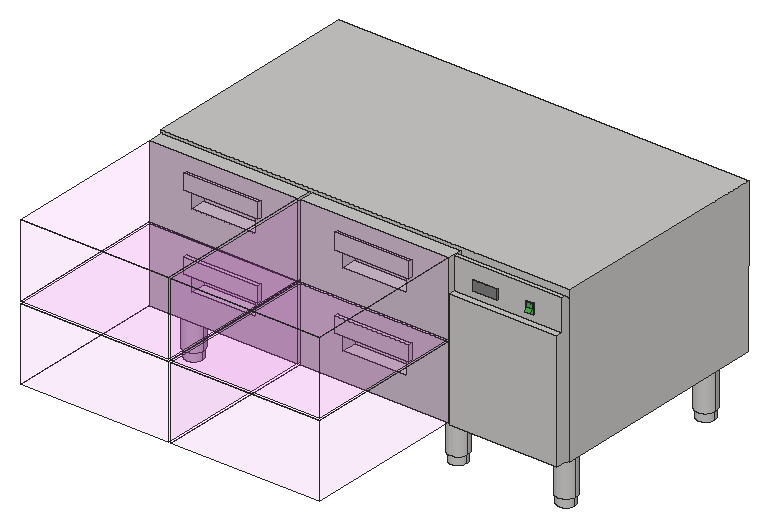
Revit family "QF_ELECTROLUXPROFESSIONAL_371295_E7TTBECOMIN", category Specialty Equipment, Revit 2023
Family settings
  Round Connector Dimension = Use Diameter
  Part Type = Normal
  Work Plane-Based = No
  Enable Cutting in Views = No
  Always vertical = Yes
  Cut with Voids When Loaded = No
  Maintain Annotation Orientation = No
  Shared = No
  Room Calculation Point = No
Parameters (values of type "Standard")
  Weight = 95.00 kg
  Watts = 0 W
  Volts = 230 V
  URL Manufacturer = "http://www.electroluxprofessional.com"
  URL = "http://www.electroluxprofessional.com"
  Steam Supply Size = 0 mm
  Steam Supply Minimum Pressure = 0.0 Pa
  Steam Supply Maximum Pressure = 0.0 Pa
  Steam Pounds per Hour = 0
  Refrigeration Suction Line Size = 0 mm
  Refrigeration Liquid Line Size = 0 mm
  Refrigerant Compressor Remote = yes
  Manufacturer = "Electrolux Professional"
  Phase = 1
  Model = "E7TTBECOMIN"
  Length Actual = 1200 mm
  Item Number = "371295"
  Hot Water Size = 0 mm
  Height Actual = 600 mm
  HP = "0.5 HP"
  Gas Size = 0 mm
  Gas KW = 0
  Gas Input Pressure = 0 W
  Direct Waste Size = 0 mm
  Description = "REFRIGERATED BASE WITH 4 DRAWERS 1200MM - R290"
  Depth Actual = 700 mm
  Default Elevation = 0 mm
  Cycle = 50 Hz
  Condensate Return Size = 0 mm
  Compressed Air Volume = 0.0 L/s
  Compressed Air Size = 0 mm
  Compressed Air Pressure = 0.0 Pa
  Cold Water Size = 0 mm
  Accessory = no
Reference planes
  plane 1 "Center X": y = 0
  plane 2: z = 0
  plane 3 "Centro (Sinistra/Destra)": x = 0
  plane 4 "BACK": y = 350
  plane 5 "FRONT": y = -350
  plane 6 "LEFT": x = -600
  plane 7 "RIGHT": x = 600
  plane 8: y = -303
  plane 9: y = -348
  plane 10: x = -545
  plane 11: x = 545
  plane 12: x = 229
  plane 13: y = 262
  plane 14: y = -249
  plane 15: x = 286
  plane 16: x = -599
  plane 17: x = 599
  plane 18: y = 190
  plane 19: x = 558
  plane 20: z = 425
  plane 21: z = 422.5
  plane 22: z = 427.5
  plane 23: z = 150
  plane 24 "TOP": z = 600
Forms (mm)
  Extrusion 1, solid, material "QF_Finishes_Stainless Steel"
    sketch origin (0, 0, 650) x (-1, 0, 0) y (0, -1, 0)
      loop
        line (599, -350) -> (599, 303) -> (-599, 303) -> (-599, -350) -> (599, -350)
    from -500 to -50
  Extrusion 2, solid, material "QF_Finishes_Stainless Steel"
    sketch origin (0, 0, 0) x (1, 0, 0) y (0, 1, 0)
      loop
        circle (558, 190) r 6
    from 189.987 to 200
  Extrusion 3, solid, material "QF_Door-Drawer Clearances"
    sketch origin (200, -348, -50) x (1, 0, 0) y (0, 0, 1)
      loop
        line (-795, 640.994) -> (-795, 427.5) -> (-360.999, 427.5) -> (-360.999, 640.994) -> (-795, 640.994)
    from 0 to 473.5
  Extrusion 4, solid, material "QF_Door-Drawer Clearances"
    sketch origin (642.001, -342.999, -50) x (1, 0, 0) y (0, 0, 1)
      loop
        line (-795, 640.994) -> (-795, 427.5) -> (-360.999, 427.5) -> (-360.999, 640.994) -> (-795, 640.994)
    from 5.001 to 478.501
  Extrusion 5, solid, material "QF_Door-Drawer Clearances"
    sketch origin (200, -348, -268.494) x (1, 0, 0) y (0, 0, 1)
      loop
        line (-795, 640.994) -> (-795, 427.5) -> (-360.999, 427.5) -> (-360.999, 640.994) -> (-795, 640.994)
    from 0 to 473.5
  Extrusion 6, solid, material "QF_Door-Drawer Clearances"
    sketch origin (642.001, -342.999, -268.494) x (1, 0, 0) y (0, 0, 1)
      loop
        line (-795, 640.994) -> (-795, 427.5) -> (-360.999, 427.5) -> (-360.999, 640.994) -> (-795, 640.994)
    from 5.001 to 478.501
  Extrusion 7, solid, material "QF_Finishes_Stainless Steel"
    sketch origin (200, -342.999, -50) x (-1, 0, 0) y (0, 0, 1)
      loop
        line (795, 427.5) -> (795, 640.994) -> (360.999, 640.994) -> (360.999, 427.5) -> (795, 427.5)
      loop
        line (671.3, 506.706) -> (671.3, 585) -> (484.699, 585) -> (484.699, 506.706) -> (671.3, 506.706)
    from -5.001 to 39.999
  Extrusion 8, solid, material "QF_Finishes_Stainless Steel"
    sketch origin (598, 66.551, -50) x (0, 1, 0) y (0, 0, 1)
      loop
        line (-369.551, 629.527) -> (-386.314, 640.994) -> (-397.65, 640.994) -> (-397.65, 549.796) -> (-414.551, 549.796) -> (-414.551, 204.796) -> (-384.714, 204.796) -> (-374.993, 200) -> (-369.551, 200) -> (-369.551, 629.527)
    from 0 to -313
  Extrusion 9, solid, material "QF_Finishes_Black"
    sketch origin (582, -331.099, 580.994) x (0, 0, -1) y (1, 0, 0)
      loop
        line (32.198, -86.899) -> (61.199, -86.899) -> (61.199, -64.9) -> (32.198, -64.9) -> (32.198, -86.899)
    from 0 to 1.6
  Extrusion 10, solid, material "QF_Finishes_Grey"
    sketch origin (588, -331.099, 580.994) x (0, 0, -1) y (1, 0, 0)
      loop
        line (32.198, -248.099) -> (61.199, -248.099) -> (61.199, -178.099) -> (32.198, -178.099) -> (32.198, -248.099)
    from 0 to 1.6
  Extrusion 11, solid, material "QF_Finishes_Green"
    sketch origin (517.1, -331.099, 548.796) x (0, 0, -1) y (0, 1, 0)
      loop
        line (2.279, -3.281) -> (14.5, -3.281) -> (25.308, -8.985)
        arc (25.308, -8.985) -> (26.537, -5.394) -> (26.605, -1.6) r 12.221
        line (26.605, -1.6) -> (2.395, -1.6)
        arc (2.395, -1.6) -> (2.308, -2.439) -> (2.279, -3.281) r 12.221
    from -20 to -2
  Extrusion 12, solid, material "QF_Finishes_Stainless Steel"
    sketch origin (200, -348, -50) x (1, 0, 0) y (0, 0, 1)
      loop
        line (-686.3, 598.969) -> (-686.3, 553.969) -> (-469.699, 553.969) -> (-469.699, 598.969) -> (-686.3, 598.969)
    from 0 to 10
  Extrusion 13, solid, material "QF_Finishes_Stainless Steel"
    sketch origin (642.001, -342.999, -50) x (-1, 0, 0) y (0, 0, 1)
      loop
        line (795, 427.5) -> (795, 640.994) -> (360.999, 640.994) -> (360.999, 427.5) -> (795, 427.5)
      loop
        line (671.3, 506.706) -> (671.3, 585) -> (484.699, 585) -> (484.699, 506.706) -> (671.3, 506.706)
    from -5.001 to 39.999
  Extrusion 14, solid, material "QF_Finishes_Stainless Steel"
    sketch origin (642.001, -348, -50) x (1, 0, 0) y (0, 0, 1)
      loop
        line (-686.3, 598.969) -> (-686.3, 553.969) -> (-469.699, 553.969) -> (-469.699, 598.969) -> (-686.3, 598.969)
    from 0 to 10
  Extrusion 15, solid, material "QF_Finishes_Stainless Steel"
    sketch origin (200, -342.999, -268.494) x (-1, 0, 0) y (0, 0, 1)
      loop
        line (795, 427.5) -> (795, 640.994) -> (360.999, 640.994) -> (360.999, 427.5) -> (795, 427.5)
      loop
        line (671.3, 506.706) -> (671.3, 585) -> (484.699, 585) -> (484.699, 506.706) -> (671.3, 506.706)
    from -5.001 to 39.999
  Extrusion 16, solid, material "QF_Finishes_Stainless Steel"
    sketch origin (200, -348, -268.494) x (1, 0, 0) y (0, 0, 1)
      loop
        line (-686.3, 598.969) -> (-686.3, 553.969) -> (-469.699, 553.969) -> (-469.699, 598.969) -> (-686.3, 598.969)
    from 0 to 10
  Extrusion 17, solid, material "QF_Finishes_Stainless Steel"
    sketch origin (642.001, -342.999, -268.494) x (-1, 0, 0) y (0, 0, 1)
      loop
        line (795, 427.5) -> (795, 640.994) -> (360.999, 640.994) -> (360.999, 427.5) -> (795, 427.5)
      loop
        line (671.3, 506.706) -> (671.3, 585) -> (484.699, 585) -> (484.699, 506.706) -> (671.3, 506.706)
    from -5.001 to 39.999
  Extrusion 18, solid, material "QF_Finishes_Stainless Steel"
    sketch origin (642.001, -348, -268.494) x (1, 0, 0) y (0, 0, 1)
      loop
        line (-686.3, 598.969) -> (-686.3, 553.969) -> (-469.699, 553.969) -> (-469.699, 598.969) -> (-686.3, 598.969)
    from 0 to 10
Lines and regions (mm)
  Split face 1
    outline origin (588, -332.699, 580.994) x (0, 0, -1) y (1, 0, 0)
      loop
        line (37.198, -238.099) -> (52.198, -238.099) -> (52.198, -188.099) -> (37.198, -188.099) -> (37.198, -238.099)
  Split face 2
    outline origin (588, -332.699, 580.994) x (0, 0, -1) y (1, 0, 0)
      loop
        circle (44.698, -185.099) r 1.2
  Split face 3
    outline origin (588, -332.699, 580.994) x (0, 0, -1) y (1, 0, 0)
      loop
        circle (39.698, -185.099) r 1.2
  Split face 4
    outline origin (588, -332.699, 580.994) x (0, 0, -1) y (1, 0, 0)
      loop
        circle (49.698, -185.099) r 1.2
  Split face 5
    outline origin (588, -332.699, 580.994) x (0, 0, -1) y (1, 0, 0)
      loop
        circle (39.698, -241.099) r 1.2
  Split face 6
    outline origin (588, -332.699, 580.994) x (0, 0, -1) y (1, 0, 0)
      loop
        circle (44.698, -241.099) r 1.2
  Split face 7
    outline origin (588, -332.699, 580.994) x (0, 0, -1) y (1, 0, 0)
      loop
        circle (49.698, -241.099) r 1.2
  Split face 8
    outline origin (588, -332.699, 580.994) x (0, 0, -1) y (1, 0, 0)
      loop
        line (59.151, -238.099) -> (59.151, -227.099) -> (54.151, -227.099) -> (54.151, -238.099) -> (59.151, -238.099)
  Split face 9
    outline origin (588, -332.699, 580.994) x (0, 0, -1) y (1, 0, 0)
      loop
        line (54.151, -225.099) -> (59.151, -225.099) -> (59.151, -214.099) -> (54.151, -214.099) -> (54.151, -225.099)
  Split face 10
    outline origin (601, -332.699, 580.994) x (0, 0, -1) y (1, 0, 0)
      loop
        line (54.151, -225.099) -> (59.151, -225.099) -> (59.151, -214.099) -> (54.151, -214.099) -> (54.151, -225.099)
  Split face 11
    outline origin (614, -332.699, 580.994) x (0, 0, -1) y (1, 0, 0)
      loop
        line (54.151, -225.099) -> (59.151, -225.099) -> (59.151, -214.099) -> (54.151, -214.099) -> (54.151, -225.099)
  Split face 12
    outline origin (600.5, -348, 362.291) x (0, 0, -1) y (1, 0, 0)
      loop
        arc (-85.025, -282.599) -> (-81.004, -278.61) -> (-85.004, -274.599) r 4
        line (-85.004, -274.599) -> (-117.004, -274.599)
        arc (-117.004, -274.599) -> (-121.004, -278.61) -> (-116.984, -282.599) r 4
        line (-116.984, -282.599) -> (-85.025, -282.599)
  Split face 13
    outline origin (612.5, -348, 362.291) x (0, 0, -1) y (1, 0, 0)
      loop
        arc (-85.025, -282.599) -> (-81.004, -278.61) -> (-85.004, -274.599) r 4
        line (-85.004, -274.599) -> (-117.004, -274.599)
        arc (-117.004, -274.599) -> (-121.004, -278.61) -> (-116.984, -282.599) r 4
        line (-116.984, -282.599) -> (-85.025, -282.599)
  Split face 14
    outline origin (624.5, -348, 362.291) x (0, 0, -1) y (1, 0, 0)
      loop
        arc (-85.025, -282.599) -> (-81.004, -278.61) -> (-85.004, -274.599) r 4
        line (-85.004, -274.599) -> (-117.004, -274.599)
        arc (-117.004, -274.599) -> (-121.004, -278.61) -> (-116.984, -282.599) r 4
        line (-116.984, -282.599) -> (-85.025, -282.599)
  Split face 15
    outline origin (636.397, -348, 362.291) x (0, 0, -1) y (1, 0, 0)
      loop
        arc (-85.025, -282.599) -> (-81.004, -278.61) -> (-85.004, -274.599) r 4
        line (-85.004, -274.599) -> (-117.004, -274.599)
        arc (-117.004, -274.599) -> (-121.004, -278.61) -> (-116.984, -282.599) r 4
        line (-116.984, -282.599) -> (-85.025, -282.599)
  Split face 16
    outline origin (648.396, -348, 362.291) x (0, 0, -1) y (1, 0, 0)
      loop
        arc (-85.025, -282.599) -> (-81.004, -278.61) -> (-85.004, -274.599) r 4
        line (-85.004, -274.599) -> (-117.004, -274.599)
        arc (-117.004, -274.599) -> (-121.004, -278.61) -> (-116.984, -282.599) r 4
        line (-116.984, -282.599) -> (-85.025, -282.599)
  Split face 17
    outline origin (660.396, -348, 362.291) x (0, 0, -1) y (1, 0, 0)
      loop
        arc (-85.025, -282.599) -> (-81.004, -278.61) -> (-85.004, -274.599) r 4
        line (-85.004, -274.599) -> (-117.004, -274.599)
        arc (-117.004, -274.599) -> (-121.004, -278.61) -> (-116.984, -282.599) r 4
        line (-116.984, -282.599) -> (-85.025, -282.599)
  Split face 18
    outline origin (672.396, -348, 362.291) x (0, 0, -1) y (1, 0, 0)
      loop
        arc (-85.025, -282.599) -> (-81.004, -278.61) -> (-85.004, -274.599) r 4
        line (-85.004, -274.599) -> (-117.004, -274.599)
        arc (-117.004, -274.599) -> (-121.004, -278.61) -> (-116.984, -282.599) r 4
        line (-116.984, -282.599) -> (-85.025, -282.599)
  Split face 19
    outline origin (684.397, -348, 362.291) x (0, 0, -1) y (1, 0, 0)
      loop
        arc (-85.025, -282.599) -> (-81.004, -278.61) -> (-85.004, -274.599) r 4
        line (-85.004, -274.599) -> (-117.004, -274.599)
        arc (-117.004, -274.599) -> (-121.004, -278.61) -> (-116.984, -282.599) r 4
        line (-116.984, -282.599) -> (-85.025, -282.599)
  Split face 20
    outline origin (696.396, -348, 362.291) x (0, 0, -1) y (1, 0, 0)
      loop
        arc (-85.025, -282.599) -> (-81.004, -278.61) -> (-85.004, -274.599) r 4
        line (-85.004, -274.599) -> (-117.004, -274.599)
        arc (-117.004, -274.599) -> (-121.004, -278.61) -> (-116.984, -282.599) r 4
        line (-116.984, -282.599) -> (-85.025, -282.599)
  Split face 21
    outline origin (703.396, -348, 362.291) x (0, 0, -1) y (1, 0, 0)
      loop
        arc (-85.025, -242.399) -> (-81.004, -238.41) -> (-85.004, -234.4) r 4
        line (-85.004, -234.4) -> (-117.004, -234.4)
        arc (-117.004, -234.4) -> (-121.004, -238.41) -> (-116.984, -242.399) r 4
        line (-116.984, -242.399) -> (-85.025, -242.399)
  Split face 22
    outline origin (715.396, -348, 362.291) x (0, 0, -1) y (1, 0, 0)
      loop
        arc (-85.025, -242.399) -> (-81.004, -238.41) -> (-85.004, -234.4) r 4
        line (-85.004, -234.4) -> (-117.004, -234.4)
        arc (-117.004, -234.4) -> (-121.004, -238.41) -> (-116.984, -242.399) r 4
        line (-116.984, -242.399) -> (-85.025, -242.399)
  Split face 23
    outline origin (727.396, -348, 362.291) x (0, 0, -1) y (1, 0, 0)
      loop
        arc (-85.025, -242.399) -> (-81.004, -238.41) -> (-85.004, -234.4) r 4
        line (-85.004, -234.4) -> (-117.004, -234.4)
        arc (-117.004, -234.4) -> (-121.004, -238.41) -> (-116.984, -242.399) r 4
        line (-116.984, -242.399) -> (-85.025, -242.399)
  Split face 24
    outline origin (739.396, -348, 362.291) x (0, 0, -1) y (1, 0, 0)
      loop
        arc (-85.025, -242.399) -> (-81.004, -238.41) -> (-85.004, -234.4) r 4
        line (-85.004, -234.4) -> (-117.004, -234.4)
        arc (-117.004, -234.4) -> (-121.004, -238.41) -> (-116.984, -242.399) r 4
        line (-116.984, -242.399) -> (-85.025, -242.399)
  Split face 25
    outline origin (751.396, -348, 362.291) x (0, 0, -1) y (1, 0, 0)
      loop
        arc (-85.025, -242.399) -> (-81.004, -238.41) -> (-85.004, -234.4) r 4
        line (-85.004, -234.4) -> (-117.004, -234.4)
        arc (-117.004, -234.4) -> (-121.004, -238.41) -> (-116.984, -242.399) r 4
        line (-116.984, -242.399) -> (-85.025, -242.399)
  Split face 26
    outline origin (763.396, -348, 362.291) x (0, 0, -1) y (1, 0, 0)
      loop
        arc (-85.025, -242.399) -> (-81.004, -238.41) -> (-85.004, -234.4) r 4
        line (-85.004, -234.4) -> (-117.004, -234.4)
        arc (-117.004, -234.4) -> (-121.004, -238.41) -> (-116.984, -242.399) r 4
        line (-116.984, -242.399) -> (-85.025, -242.399)
  Split face 27
    outline origin (775.396, -348, 362.291) x (0, 0, -1) y (1, 0, 0)
      loop
        arc (-85.025, -242.399) -> (-81.004, -238.41) -> (-85.004, -234.4) r 4
        line (-85.004, -234.4) -> (-117.004, -234.4)
        arc (-117.004, -234.4) -> (-121.004, -238.41) -> (-116.984, -242.399) r 4
        line (-116.984, -242.399) -> (-85.025, -242.399)
  Split face 28
    outline origin (787.396, -348, 362.291) x (0, 0, -1) y (1, 0, 0)
      loop
        arc (-85.025, -242.399) -> (-81.004, -238.41) -> (-85.004, -234.4) r 4
        line (-85.004, -234.4) -> (-117.004, -234.4)
        arc (-117.004, -234.4) -> (-121.004, -238.41) -> (-116.984, -242.399) r 4
        line (-116.984, -242.399) -> (-85.025, -242.399)
  Split face 29
    outline origin (799.396, -348, 362.291) x (0, 0, -1) y (1, 0, 0)
      loop
        arc (-85.025, -242.399) -> (-81.004, -238.41) -> (-85.004, -234.4) r 4
        line (-85.004, -234.4) -> (-117.004, -234.4)
        arc (-117.004, -234.4) -> (-121.004, -238.41) -> (-116.984, -242.399) r 4
        line (-116.984, -242.399) -> (-85.025, -242.399)
  Split face 30
    outline origin (811.396, -348, 362.291) x (0, 0, -1) y (1, 0, 0)
      loop
        arc (-85.025, -242.399) -> (-81.004, -238.41) -> (-85.004, -234.4) r 4
        line (-85.004, -234.4) -> (-117.004, -234.4)
        arc (-117.004, -234.4) -> (-121.004, -238.41) -> (-116.984, -242.399) r 4
        line (-116.984, -242.399) -> (-85.025, -242.399)
  Split face 31
    outline origin (588.5, -348, 362.291) x (0, 0, -1) y (1, 0, 0)
      loop
        arc (-85.025, -282.599) -> (-81.004, -278.61) -> (-85.004, -274.599) r 4
        line (-85.004, -274.599) -> (-117.004, -274.599)
        arc (-117.004, -274.599) -> (-121.004, -278.61) -> (-116.984, -282.599) r 4
        line (-116.984, -282.599) -> (-85.025, -282.599)
  Split face 32
    outline origin (600.5, -348, 317.29) x (0, 0, -1) y (1, 0, 0)
      loop
        arc (-85.025, -282.599) -> (-81.004, -278.61) -> (-85.004, -274.599) r 4
        line (-85.004, -274.599) -> (-117.004, -274.599)
        arc (-117.004, -274.599) -> (-121.004, -278.61) -> (-116.984, -282.599) r 4
        line (-116.984, -282.599) -> (-85.025, -282.599)
  Split face 33
    outline origin (612.5, -348, 317.29) x (0, 0, -1) y (1, 0, 0)
      loop
        arc (-85.025, -282.599) -> (-81.004, -278.61) -> (-85.004, -274.599) r 4
        line (-85.004, -274.599) -> (-117.004, -274.599)
        arc (-117.004, -274.599) -> (-121.004, -278.61) -> (-116.984, -282.599) r 4
        line (-116.984, -282.599) -> (-85.025, -282.599)
  Split face 34
    outline origin (624.5, -348, 317.29) x (0, 0, -1) y (1, 0, 0)
      loop
        arc (-85.025, -282.599) -> (-81.004, -278.61) -> (-85.004, -274.599) r 4
        line (-85.004, -274.599) -> (-117.004, -274.599)
        arc (-117.004, -274.599) -> (-121.004, -278.61) -> (-116.984, -282.599) r 4
        line (-116.984, -282.599) -> (-85.025, -282.599)
  Split face 35
    outline origin (636.397, -348, 317.29) x (0, 0, -1) y (1, 0, 0)
      loop
        arc (-85.025, -282.599) -> (-81.004, -278.61) -> (-85.004, -274.599) r 4
        line (-85.004, -274.599) -> (-117.004, -274.599)
        arc (-117.004, -274.599) -> (-121.004, -278.61) -> (-116.984, -282.599) r 4
        line (-116.984, -282.599) -> (-85.025, -282.599)
  Split face 36
    outline origin (648.396, -348, 317.29) x (0, 0, -1) y (1, 0, 0)
      loop
        arc (-85.025, -282.599) -> (-81.004, -278.61) -> (-85.004, -274.599) r 4
        line (-85.004, -274.599) -> (-117.004, -274.599)
        arc (-117.004, -274.599) -> (-121.004, -278.61) -> (-116.984, -282.599) r 4
        line (-116.984, -282.599) -> (-85.025, -282.599)
  Split face 37
    outline origin (660.396, -348, 317.29) x (0, 0, -1) y (1, 0, 0)
      loop
        arc (-85.025, -282.599) -> (-81.004, -278.61) -> (-85.004, -274.599) r 4
        line (-85.004, -274.599) -> (-117.004, -274.599)
        arc (-117.004, -274.599) -> (-121.004, -278.61) -> (-116.984, -282.599) r 4
        line (-116.984, -282.599) -> (-85.025, -282.599)
  Split face 38
    outline origin (672.396, -348, 317.29) x (0, 0, -1) y (1, 0, 0)
      loop
        arc (-85.025, -282.599) -> (-81.004, -278.61) -> (-85.004, -274.599) r 4
        line (-85.004, -274.599) -> (-117.004, -274.599)
        arc (-117.004, -274.599) -> (-121.004, -278.61) -> (-116.984, -282.599) r 4
        line (-116.984, -282.599) -> (-85.025, -282.599)
  Split face 39
    outline origin (684.397, -348, 317.29) x (0, 0, -1) y (1, 0, 0)
      loop
        arc (-85.025, -282.599) -> (-81.004, -278.61) -> (-85.004, -274.599) r 4
        line (-85.004, -274.599) -> (-117.004, -274.599)
        arc (-117.004, -274.599) -> (-121.004, -278.61) -> (-116.984, -282.599) r 4
        line (-116.984, -282.599) -> (-85.025, -282.599)
  Split face 40
    outline origin (696.396, -348, 317.29) x (0, 0, -1) y (1, 0, 0)
      loop
        arc (-85.025, -282.599) -> (-81.004, -278.61) -> (-85.004, -274.599) r 4
        line (-85.004, -274.599) -> (-117.004, -274.599)
        arc (-117.004, -274.599) -> (-121.004, -278.61) -> (-116.984, -282.599) r 4
        line (-116.984, -282.599) -> (-85.025, -282.599)
  Split face 41
    outline origin (703.396, -348, 317.29) x (0, 0, -1) y (1, 0, 0)
      loop
        arc (-85.025, -242.399) -> (-81.004, -238.41) -> (-85.004, -234.4) r 4
        line (-85.004, -234.4) -> (-117.004, -234.4)
        arc (-117.004, -234.4) -> (-121.004, -238.41) -> (-116.984, -242.399) r 4
        line (-116.984, -242.399) -> (-85.025, -242.399)
  Split face 42
    outline origin (715.396, -348, 317.29) x (0, 0, -1) y (1, 0, 0)
      loop
        arc (-85.025, -242.399) -> (-81.004, -238.41) -> (-85.004, -234.4) r 4
        line (-85.004, -234.4) -> (-117.004, -234.4)
        arc (-117.004, -234.4) -> (-121.004, -238.41) -> (-116.984, -242.399) r 4
        line (-116.984, -242.399) -> (-85.025, -242.399)
  Split face 43
    outline origin (727.396, -348, 317.29) x (0, 0, -1) y (1, 0, 0)
      loop
        arc (-85.025, -242.399) -> (-81.004, -238.41) -> (-85.004, -234.4) r 4
        line (-85.004, -234.4) -> (-117.004, -234.4)
        arc (-117.004, -234.4) -> (-121.004, -238.41) -> (-116.984, -242.399) r 4
        line (-116.984, -242.399) -> (-85.025, -242.399)
  Split face 44
    outline origin (739.396, -348, 317.29) x (0, 0, -1) y (1, 0, 0)
      loop
        arc (-85.025, -242.399) -> (-81.004, -238.41) -> (-85.004, -234.4) r 4
        line (-85.004, -234.4) -> (-117.004, -234.4)
        arc (-117.004, -234.4) -> (-121.004, -238.41) -> (-116.984, -242.399) r 4
        line (-116.984, -242.399) -> (-85.025, -242.399)
  Split face 45
    outline origin (751.396, -348, 317.29) x (0, 0, -1) y (1, 0, 0)
      loop
        arc (-85.025, -242.399) -> (-81.004, -238.41) -> (-85.004, -234.4) r 4
        line (-85.004, -234.4) -> (-117.004, -234.4)
        arc (-117.004, -234.4) -> (-121.004, -238.41) -> (-116.984, -242.399) r 4
        line (-116.984, -242.399) -> (-85.025, -242.399)
  Split face 46
    outline origin (763.396, -348, 317.29) x (0, 0, -1) y (1, 0, 0)
      loop
        arc (-85.025, -242.399) -> (-81.004, -238.41) -> (-85.004, -234.4) r 4
        line (-85.004, -234.4) -> (-117.004, -234.4)
        arc (-117.004, -234.4) -> (-121.004, -238.41) -> (-116.984, -242.399) r 4
        line (-116.984, -242.399) -> (-85.025, -242.399)
  Split face 47
    outline origin (775.396, -348, 317.29) x (0, 0, -1) y (1, 0, 0)
      loop
        arc (-85.025, -242.399) -> (-81.004, -238.41) -> (-85.004, -234.4) r 4
        line (-85.004, -234.4) -> (-117.004, -234.4)
        arc (-117.004, -234.4) -> (-121.004, -238.41) -> (-116.984, -242.399) r 4
        line (-116.984, -242.399) -> (-85.025, -242.399)
  Split face 48
    outline origin (787.396, -348, 317.29) x (0, 0, -1) y (1, 0, 0)
      loop
        arc (-85.025, -242.399) -> (-81.004, -238.41) -> (-85.004, -234.4) r 4
        line (-85.004, -234.4) -> (-117.004, -234.4)
        arc (-117.004, -234.4) -> (-121.004, -238.41) -> (-116.984, -242.399) r 4
        line (-116.984, -242.399) -> (-85.025, -242.399)
  Split face 49
    outline origin (799.396, -348, 317.29) x (0, 0, -1) y (1, 0, 0)
      loop
        arc (-85.025, -242.399) -> (-81.004, -238.41) -> (-85.004, -234.4) r 4
        line (-85.004, -234.4) -> (-117.004, -234.4)
        arc (-117.004, -234.4) -> (-121.004, -238.41) -> (-116.984, -242.399) r 4
        line (-116.984, -242.399) -> (-85.025, -242.399)
  Split face 50
    outline origin (811.396, -348, 317.29) x (0, 0, -1) y (1, 0, 0)
      loop
        arc (-85.025, -242.399) -> (-81.004, -238.41) -> (-85.004, -234.4) r 4
        line (-85.004, -234.4) -> (-117.004, -234.4)
        arc (-117.004, -234.4) -> (-121.004, -238.41) -> (-116.984, -242.399) r 4
        line (-116.984, -242.399) -> (-85.025, -242.399)
  Split face 51
    outline origin (588.5, -348, 317.29) x (0, 0, -1) y (1, 0, 0)
      loop
        arc (-85.025, -282.599) -> (-81.004, -278.61) -> (-85.004, -274.599) r 4
        line (-85.004, -274.599) -> (-117.004, -274.599)
        arc (-117.004, -274.599) -> (-121.004, -278.61) -> (-116.984, -282.599) r 4
        line (-116.984, -282.599) -> (-85.025, -282.599)
  Split face 52
    outline origin (600.5, -348, 272.29) x (0, 0, -1) y (1, 0, 0)
      loop
        arc (-85.025, -282.599) -> (-81.004, -278.61) -> (-85.004, -274.599) r 4
        line (-85.004, -274.599) -> (-117.004, -274.599)
        arc (-117.004, -274.599) -> (-121.004, -278.61) -> (-116.984, -282.599) r 4
        line (-116.984, -282.599) -> (-85.025, -282.599)
  Split face 53
    outline origin (612.5, -348, 272.29) x (0, 0, -1) y (1, 0, 0)
      loop
        arc (-85.025, -282.599) -> (-81.004, -278.61) -> (-85.004, -274.599) r 4
        line (-85.004, -274.599) -> (-117.004, -274.599)
        arc (-117.004, -274.599) -> (-121.004, -278.61) -> (-116.984, -282.599) r 4
        line (-116.984, -282.599) -> (-85.025, -282.599)
  Split face 54
    outline origin (624.5, -348, 272.29) x (0, 0, -1) y (1, 0, 0)
      loop
        arc (-85.025, -282.599) -> (-81.004, -278.61) -> (-85.004, -274.599) r 4
        line (-85.004, -274.599) -> (-117.004, -274.599)
        arc (-117.004, -274.599) -> (-121.004, -278.61) -> (-116.984, -282.599) r 4
        line (-116.984, -282.599) -> (-85.025, -282.599)
  Split face 55
    outline origin (636.397, -348, 272.29) x (0, 0, -1) y (1, 0, 0)
      loop
        arc (-85.025, -282.599) -> (-81.004, -278.61) -> (-85.004, -274.599) r 4
        line (-85.004, -274.599) -> (-117.004, -274.599)
        arc (-117.004, -274.599) -> (-121.004, -278.61) -> (-116.984, -282.599) r 4
        line (-116.984, -282.599) -> (-85.025, -282.599)
  Split face 56
    outline origin (648.396, -348, 272.29) x (0, 0, -1) y (1, 0, 0)
      loop
        arc (-85.025, -282.599) -> (-81.004, -278.61) -> (-85.004, -274.599) r 4
        line (-85.004, -274.599) -> (-117.004, -274.599)
        arc (-117.004, -274.599) -> (-121.004, -278.61) -> (-116.984, -282.599) r 4
        line (-116.984, -282.599) -> (-85.025, -282.599)
  Split face 57
    outline origin (660.396, -348, 272.29) x (0, 0, -1) y (1, 0, 0)
      loop
        arc (-85.025, -282.599) -> (-81.004, -278.61) -> (-85.004, -274.599) r 4
        line (-85.004, -274.599) -> (-117.004, -274.599)
        arc (-117.004, -274.599) -> (-121.004, -278.61) -> (-116.984, -282.599) r 4
        line (-116.984, -282.599) -> (-85.025, -282.599)
  Split face 58
    outline origin (672.396, -348, 272.29) x (0, 0, -1) y (1, 0, 0)
      loop
        arc (-85.025, -282.599) -> (-81.004, -278.61) -> (-85.004, -274.599) r 4
        line (-85.004, -274.599) -> (-117.004, -274.599)
        arc (-117.004, -274.599) -> (-121.004, -278.61) -> (-116.984, -282.599) r 4
        line (-116.984, -282.599) -> (-85.025, -282.599)
  Split face 59
    outline origin (684.397, -348, 272.29) x (0, 0, -1) y (1, 0, 0)
      loop
        arc (-85.025, -282.599) -> (-81.004, -278.61) -> (-85.004, -274.599) r 4
        line (-85.004, -274.599) -> (-117.004, -274.599)
        arc (-117.004, -274.599) -> (-121.004, -278.61) -> (-116.984, -282.599) r 4
        line (-116.984, -282.599) -> (-85.025, -282.599)
  Split face 60
    outline origin (696.396, -348, 272.29) x (0, 0, -1) y (1, 0, 0)
      loop
        arc (-85.025, -282.599) -> (-81.004, -278.61) -> (-85.004, -274.599) r 4
        line (-85.004, -274.599) -> (-117.004, -274.599)
        arc (-117.004, -274.599) -> (-121.004, -278.61) -> (-116.984, -282.599) r 4
        line (-116.984, -282.599) -> (-85.025, -282.599)
  Split face 61
    outline origin (703.396, -348, 272.29) x (0, 0, -1) y (1, 0, 0)
      loop
        arc (-85.025, -242.399) -> (-81.004, -238.41) -> (-85.004, -234.4) r 4
        line (-85.004, -234.4) -> (-117.004, -234.4)
        arc (-117.004, -234.4) -> (-121.004, -238.41) -> (-116.984, -242.399) r 4
        line (-116.984, -242.399) -> (-85.025, -242.399)
  Split face 62
    outline origin (715.396, -348, 272.29) x (0, 0, -1) y (1, 0, 0)
      loop
        arc (-85.025, -242.399) -> (-81.004, -238.41) -> (-85.004, -234.4) r 4
        line (-85.004, -234.4) -> (-117.004, -234.4)
        arc (-117.004, -234.4) -> (-121.004, -238.41) -> (-116.984, -242.399) r 4
        line (-116.984, -242.399) -> (-85.025, -242.399)
  Split face 63
    outline origin (727.396, -348, 272.29) x (0, 0, -1) y (1, 0, 0)
      loop
        arc (-85.025, -242.399) -> (-81.004, -238.41) -> (-85.004, -234.4) r 4
        line (-85.004, -234.4) -> (-117.004, -234.4)
        arc (-117.004, -234.4) -> (-121.004, -238.41) -> (-116.984, -242.399) r 4
        line (-116.984, -242.399) -> (-85.025, -242.399)
  Split face 64
    outline origin (739.396, -348, 272.29) x (0, 0, -1) y (1, 0, 0)
      loop
        arc (-85.025, -242.399) -> (-81.004, -238.41) -> (-85.004, -234.4) r 4
        line (-85.004, -234.4) -> (-117.004, -234.4)
        arc (-117.004, -234.4) -> (-121.004, -238.41) -> (-116.984, -242.399) r 4
        line (-116.984, -242.399) -> (-85.025, -242.399)
  Split face 65
    outline origin (751.396, -348, 272.29) x (0, 0, -1) y (1, 0, 0)
      loop
        arc (-85.025, -242.399) -> (-81.004, -238.41) -> (-85.004, -234.4) r 4
        line (-85.004, -234.4) -> (-117.004, -234.4)
        arc (-117.004, -234.4) -> (-121.004, -238.41) -> (-116.984, -242.399) r 4
        line (-116.984, -242.399) -> (-85.025, -242.399)
  Split face 66
    outline origin (763.396, -348, 272.29) x (0, 0, -1) y (1, 0, 0)
      loop
        arc (-85.025, -242.399) -> (-81.004, -238.41) -> (-85.004, -234.4) r 4
        line (-85.004, -234.4) -> (-117.004, -234.4)
        arc (-117.004, -234.4) -> (-121.004, -238.41) -> (-116.984, -242.399) r 4
        line (-116.984, -242.399) -> (-85.025, -242.399)
  Split face 67
    outline origin (775.396, -348, 272.29) x (0, 0, -1) y (1, 0, 0)
      loop
        arc (-85.025, -242.399) -> (-81.004, -238.41) -> (-85.004, -234.4) r 4
        line (-85.004, -234.4) -> (-117.004, -234.4)
        arc (-117.004, -234.4) -> (-121.004, -238.41) -> (-116.984, -242.399) r 4
        line (-116.984, -242.399) -> (-85.025, -242.399)
  Split face 68
    outline origin (787.396, -348, 272.29) x (0, 0, -1) y (1, 0, 0)
      loop
        arc (-85.025, -242.399) -> (-81.004, -238.41) -> (-85.004, -234.4) r 4
        line (-85.004, -234.4) -> (-117.004, -234.4)
        arc (-117.004, -234.4) -> (-121.004, -238.41) -> (-116.984, -242.399) r 4
        line (-116.984, -242.399) -> (-85.025, -242.399)
  Split face 69
    outline origin (799.396, -348, 272.29) x (0, 0, -1) y (1, 0, 0)
      loop
        arc (-85.025, -242.399) -> (-81.004, -238.41) -> (-85.004, -234.4) r 4
        line (-85.004, -234.4) -> (-117.004, -234.4)
        arc (-117.004, -234.4) -> (-121.004, -238.41) -> (-116.984, -242.399) r 4
        line (-116.984, -242.399) -> (-85.025, -242.399)
  Split face 70
    outline origin (811.396, -348, 272.29) x (0, 0, -1) y (1, 0, 0)
      loop
        arc (-85.025, -242.399) -> (-81.004, -238.41) -> (-85.004, -234.4) r 4
        line (-85.004, -234.4) -> (-117.004, -234.4)
        arc (-117.004, -234.4) -> (-121.004, -238.41) -> (-116.984, -242.399) r 4
        line (-116.984, -242.399) -> (-85.025, -242.399)
  Split face 71
    outline origin (588.5, -348, 272.29) x (0, 0, -1) y (1, 0, 0)
      loop
        arc (-85.025, -282.599) -> (-81.004, -278.61) -> (-85.004, -274.599) r 4
        line (-85.004, -274.599) -> (-117.004, -274.599)
        arc (-117.004, -274.599) -> (-121.004, -278.61) -> (-116.984, -282.599) r 4
        line (-116.984, -282.599) -> (-85.025, -282.599)
  Split face 72
    outline origin (600.5, -348, 227.29) x (0, 0, -1) y (1, 0, 0)
      loop
        arc (-85.025, -282.599) -> (-81.004, -278.61) -> (-85.004, -274.599) r 4
        line (-85.004, -274.599) -> (-117.004, -274.599)
        arc (-117.004, -274.599) -> (-121.004, -278.61) -> (-116.984, -282.599) r 4
        line (-116.984, -282.599) -> (-85.025, -282.599)
  Split face 73
    outline origin (612.5, -348, 227.29) x (0, 0, -1) y (1, 0, 0)
      loop
        arc (-85.025, -282.599) -> (-81.004, -278.61) -> (-85.004, -274.599) r 4
        line (-85.004, -274.599) -> (-117.004, -274.599)
        arc (-117.004, -274.599) -> (-121.004, -278.61) -> (-116.984, -282.599) r 4
        line (-116.984, -282.599) -> (-85.025, -282.599)
  Split face 74
    outline origin (624.5, -348, 227.29) x (0, 0, -1) y (1, 0, 0)
      loop
        arc (-85.025, -282.599) -> (-81.004, -278.61) -> (-85.004, -274.599) r 4
        line (-85.004, -274.599) -> (-117.004, -274.599)
        arc (-117.004, -274.599) -> (-121.004, -278.61) -> (-116.984, -282.599) r 4
        line (-116.984, -282.599) -> (-85.025, -282.599)
  Split face 75
    outline origin (636.397, -348, 227.29) x (0, 0, -1) y (1, 0, 0)
      loop
        arc (-85.025, -282.599) -> (-81.004, -278.61) -> (-85.004, -274.599) r 4
        line (-85.004, -274.599) -> (-117.004, -274.599)
        arc (-117.004, -274.599) -> (-121.004, -278.61) -> (-116.984, -282.599) r 4
        line (-116.984, -282.599) -> (-85.025, -282.599)
  Split face 76
    outline origin (648.396, -348, 227.29) x (0, 0, -1) y (1, 0, 0)
      loop
        arc (-85.025, -282.599) -> (-81.004, -278.61) -> (-85.004, -274.599) r 4
        line (-85.004, -274.599) -> (-117.004, -274.599)
        arc (-117.004, -274.599) -> (-121.004, -278.61) -> (-116.984, -282.599) r 4
        line (-116.984, -282.599) -> (-85.025, -282.599)
  Split face 77
    outline origin (660.396, -348, 227.29) x (0, 0, -1) y (1, 0, 0)
      loop
        arc (-85.025, -282.599) -> (-81.004, -278.61) -> (-85.004, -274.599) r 4
        line (-85.004, -274.599) -> (-117.004, -274.599)
        arc (-117.004, -274.599) -> (-121.004, -278.61) -> (-116.984, -282.599) r 4
        line (-116.984, -282.599) -> (-85.025, -282.599)
  Split face 78
    outline origin (672.396, -348, 227.29) x (0, 0, -1) y (1, 0, 0)
      loop
        arc (-85.025, -282.599) -> (-81.004, -278.61) -> (-85.004, -274.599) r 4
        line (-85.004, -274.599) -> (-117.004, -274.599)
        arc (-117.004, -274.599) -> (-121.004, -278.61) -> (-116.984, -282.599) r 4
        line (-116.984, -282.599) -> (-85.025, -282.599)
  Split face 79
    outline origin (684.397, -348, 227.29) x (0, 0, -1) y (1, 0, 0)
      loop
        arc (-85.025, -282.599) -> (-81.004, -278.61) -> (-85.004, -274.599) r 4
        line (-85.004, -274.599) -> (-117.004, -274.599)
        arc (-117.004, -274.599) -> (-121.004, -278.61) -> (-116.984, -282.599) r 4
        line (-116.984, -282.599) -> (-85.025, -282.599)
  Split face 80
    outline origin (696.396, -348, 227.29) x (0, 0, -1) y (1, 0, 0)
      loop
        arc (-85.025, -282.599) -> (-81.004, -278.61) -> (-85.004, -274.599) r 4
        line (-85.004, -274.599) -> (-117.004, -274.599)
        arc (-117.004, -274.599) -> (-121.004, -278.61) -> (-116.984, -282.599) r 4
        line (-116.984, -282.599) -> (-85.025, -282.599)
  Split face 81
    outline origin (703.396, -348, 227.29) x (0, 0, -1) y (1, 0, 0)
      loop
        arc (-85.025, -242.399) -> (-81.004, -238.41) -> (-85.004, -234.4) r 4
        line (-85.004, -234.4) -> (-117.004, -234.4)
        arc (-117.004, -234.4) -> (-121.004, -238.41) -> (-116.984, -242.399) r 4
        line (-116.984, -242.399) -> (-85.025, -242.399)
  Split face 82
    outline origin (715.396, -348, 227.29) x (0, 0, -1) y (1, 0, 0)
      loop
        arc (-85.025, -242.399) -> (-81.004, -238.41) -> (-85.004, -234.4) r 4
        line (-85.004, -234.4) -> (-117.004, -234.4)
        arc (-117.004, -234.4) -> (-121.004, -238.41) -> (-116.984, -242.399) r 4
        line (-116.984, -242.399) -> (-85.025, -242.399)
  Split face 83
    outline origin (727.396, -348, 227.29) x (0, 0, -1) y (1, 0, 0)
      loop
        arc (-85.025, -242.399) -> (-81.004, -238.41) -> (-85.004, -234.4) r 4
        line (-85.004, -234.4) -> (-117.004, -234.4)
        arc (-117.004, -234.4) -> (-121.004, -238.41) -> (-116.984, -242.399) r 4
        line (-116.984, -242.399) -> (-85.025, -242.399)
  Split face 84
    outline origin (739.396, -348, 227.29) x (0, 0, -1) y (1, 0, 0)
      loop
        arc (-85.025, -242.399) -> (-81.004, -238.41) -> (-85.004, -234.4) r 4
        line (-85.004, -234.4) -> (-117.004, -234.4)
        arc (-117.004, -234.4) -> (-121.004, -238.41) -> (-116.984, -242.399) r 4
        line (-116.984, -242.399) -> (-85.025, -242.399)
  Split face 85
    outline origin (751.396, -348, 227.29) x (0, 0, -1) y (1, 0, 0)
      loop
        arc (-85.025, -242.399) -> (-81.004, -238.41) -> (-85.004, -234.4) r 4
        line (-85.004, -234.4) -> (-117.004, -234.4)
        arc (-117.004, -234.4) -> (-121.004, -238.41) -> (-116.984, -242.399) r 4
        line (-116.984, -242.399) -> (-85.025, -242.399)
  Split face 86
    outline origin (763.396, -348, 227.29) x (0, 0, -1) y (1, 0, 0)
      loop
        arc (-85.025, -242.399) -> (-81.004, -238.41) -> (-85.004, -234.4) r 4
        line (-85.004, -234.4) -> (-117.004, -234.4)
        arc (-117.004, -234.4) -> (-121.004, -238.41) -> (-116.984, -242.399) r 4
        line (-116.984, -242.399) -> (-85.025, -242.399)
  Split face 87
    outline origin (775.396, -348, 227.29) x (0, 0, -1) y (1, 0, 0)
      loop
        arc (-85.025, -242.399) -> (-81.004, -238.41) -> (-85.004, -234.4) r 4
        line (-85.004, -234.4) -> (-117.004, -234.4)
        arc (-117.004, -234.4) -> (-121.004, -238.41) -> (-116.984, -242.399) r 4
        line (-116.984, -242.399) -> (-85.025, -242.399)
  Split face 88
    outline origin (787.396, -348, 227.29) x (0, 0, -1) y (1, 0, 0)
      loop
        arc (-85.025, -242.399) -> (-81.004, -238.41) -> (-85.004, -234.4) r 4
        line (-85.004, -234.4) -> (-117.004, -234.4)
        arc (-117.004, -234.4) -> (-121.004, -238.41) -> (-116.984, -242.399) r 4
        line (-116.984, -242.399) -> (-85.025, -242.399)
  Split face 89
    outline origin (799.396, -348, 227.29) x (0, 0, -1) y (1, 0, 0)
      loop
        arc (-85.025, -242.399) -> (-81.004, -238.41) -> (-85.004, -234.4) r 4
        line (-85.004, -234.4) -> (-117.004, -234.4)
        arc (-117.004, -234.4) -> (-121.004, -238.41) -> (-116.984, -242.399) r 4
        line (-116.984, -242.399) -> (-85.025, -242.399)
  Split face 90
    outline origin (811.396, -348, 227.29) x (0, 0, -1) y (1, 0, 0)
      loop
        arc (-85.025, -242.399) -> (-81.004, -238.41) -> (-85.004, -234.4) r 4
        line (-85.004, -234.4) -> (-117.004, -234.4)
        arc (-117.004, -234.4) -> (-121.004, -238.41) -> (-116.984, -242.399) r 4
        line (-116.984, -242.399) -> (-85.025, -242.399)
  Split face 91
    outline origin (588.5, -348, 227.29) x (0, 0, -1) y (1, 0, 0)
      loop
        arc (-85.025, -282.599) -> (-81.004, -278.61) -> (-85.004, -274.599) r 4
        line (-85.004, -274.599) -> (-117.004, -274.599)
        arc (-117.004, -274.599) -> (-121.004, -278.61) -> (-116.984, -282.599) r 4
        line (-116.984, -282.599) -> (-85.025, -282.599)
  Split face 92
    outline origin (600.5, -348, 182.29) x (0, 0, -1) y (1, 0, 0)
      loop
        arc (-85.025, -282.599) -> (-81.004, -278.61) -> (-85.004, -274.599) r 4
        line (-85.004, -274.599) -> (-117.004, -274.599)
        arc (-117.004, -274.599) -> (-121.004, -278.61) -> (-116.984, -282.599) r 4
        line (-116.984, -282.599) -> (-85.025, -282.599)
  Split face 93
    outline origin (612.5, -348, 182.29) x (0, 0, -1) y (1, 0, 0)
      loop
        arc (-85.025, -282.599) -> (-81.004, -278.61) -> (-85.004, -274.599) r 4
        line (-85.004, -274.599) -> (-117.004, -274.599)
        arc (-117.004, -274.599) -> (-121.004, -278.61) -> (-116.984, -282.599) r 4
        line (-116.984, -282.599) -> (-85.025, -282.599)
  Split face 94
    outline origin (624.5, -348, 182.29) x (0, 0, -1) y (1, 0, 0)
      loop
        arc (-85.025, -282.599) -> (-81.004, -278.61) -> (-85.004, -274.599) r 4
        line (-85.004, -274.599) -> (-117.004, -274.599)
        arc (-117.004, -274.599) -> (-121.004, -278.61) -> (-116.984, -282.599) r 4
        line (-116.984, -282.599) -> (-85.025, -282.599)
  Split face 95
    outline origin (636.397, -348, 182.29) x (0, 0, -1) y (1, 0, 0)
      loop
        arc (-85.025, -282.599) -> (-81.004, -278.61) -> (-85.004, -274.599) r 4
        line (-85.004, -274.599) -> (-117.004, -274.599)
        arc (-117.004, -274.599) -> (-121.004, -278.61) -> (-116.984, -282.599) r 4
        line (-116.984, -282.599) -> (-85.025, -282.599)
  Split face 96
    outline origin (648.396, -348, 182.29) x (0, 0, -1) y (1, 0, 0)
      loop
        arc (-85.025, -282.599) -> (-81.004, -278.61) -> (-85.004, -274.599) r 4
        line (-85.004, -274.599) -> (-117.004, -274.599)
        arc (-117.004, -274.599) -> (-121.004, -278.61) -> (-116.984, -282.599) r 4
        line (-116.984, -282.599) -> (-85.025, -282.599)
  Split face 97
    outline origin (660.396, -348, 182.29) x (0, 0, -1) y (1, 0, 0)
      loop
        arc (-85.025, -282.599) -> (-81.004, -278.61) -> (-85.004, -274.599) r 4
        line (-85.004, -274.599) -> (-117.004, -274.599)
        arc (-117.004, -274.599) -> (-121.004, -278.61) -> (-116.984, -282.599) r 4
        line (-116.984, -282.599) -> (-85.025, -282.599)
  Split face 98
    outline origin (672.396, -348, 182.29) x (0, 0, -1) y (1, 0, 0)
      loop
        arc (-85.025, -282.599) -> (-81.004, -278.61) -> (-85.004, -274.599) r 4
        line (-85.004, -274.599) -> (-117.004, -274.599)
        arc (-117.004, -274.599) -> (-121.004, -278.61) -> (-116.984, -282.599) r 4
        line (-116.984, -282.599) -> (-85.025, -282.599)
  Split face 99
    outline origin (684.397, -348, 182.29) x (0, 0, -1) y (1, 0, 0)
      loop
        arc (-85.025, -282.599) -> (-81.004, -278.61) -> (-85.004, -274.599) r 4
        line (-85.004, -274.599) -> (-117.004, -274.599)
        arc (-117.004, -274.599) -> (-121.004, -278.61) -> (-116.984, -282.599) r 4
        line (-116.984, -282.599) -> (-85.025, -282.599)
  Split face 100
    outline origin (696.396, -348, 182.29) x (0, 0, -1) y (1, 0, 0)
      loop
        arc (-85.025, -282.599) -> (-81.004, -278.61) -> (-85.004, -274.599) r 4
        line (-85.004, -274.599) -> (-117.004, -274.599)
        arc (-117.004, -274.599) -> (-121.004, -278.61) -> (-116.984, -282.599) r 4
        line (-116.984, -282.599) -> (-85.025, -282.599)
  Split face 101
    outline origin (703.396, -348, 182.29) x (0, 0, -1) y (1, 0, 0)
      loop
        arc (-85.025, -242.399) -> (-81.004, -238.41) -> (-85.004, -234.4) r 4
        line (-85.004, -234.4) -> (-117.004, -234.4)
        arc (-117.004, -234.4) -> (-121.004, -238.41) -> (-116.984, -242.399) r 4
        line (-116.984, -242.399) -> (-85.025, -242.399)
  Split face 102
    outline origin (715.396, -348, 182.29) x (0, 0, -1) y (1, 0, 0)
      loop
        arc (-85.025, -242.399) -> (-81.004, -238.41) -> (-85.004, -234.4) r 4
        line (-85.004, -234.4) -> (-117.004, -234.4)
        arc (-117.004, -234.4) -> (-121.004, -238.41) -> (-116.984, -242.399) r 4
        line (-116.984, -242.399) -> (-85.025, -242.399)
  Split face 103
    outline origin (727.396, -348, 182.29) x (0, 0, -1) y (1, 0, 0)
      loop
        arc (-85.025, -242.399) -> (-81.004, -238.41) -> (-85.004, -234.4) r 4
        line (-85.004, -234.4) -> (-117.004, -234.4)
        arc (-117.004, -234.4) -> (-121.004, -238.41) -> (-116.984, -242.399) r 4
        line (-116.984, -242.399) -> (-85.025, -242.399)
  Split face 104
    outline origin (739.396, -348, 182.29) x (0, 0, -1) y (1, 0, 0)
      loop
        arc (-85.025, -242.399) -> (-81.004, -238.41) -> (-85.004, -234.4) r 4
        line (-85.004, -234.4) -> (-117.004, -234.4)
        arc (-117.004, -234.4) -> (-121.004, -238.41) -> (-116.984, -242.399) r 4
        line (-116.984, -242.399) -> (-85.025, -242.399)
  Split face 105
    outline origin (751.396, -348, 182.29) x (0, 0, -1) y (1, 0, 0)
      loop
        arc (-85.025, -242.399) -> (-81.004, -238.41) -> (-85.004, -234.4) r 4
        line (-85.004, -234.4) -> (-117.004, -234.4)
        arc (-117.004, -234.4) -> (-121.004, -238.41) -> (-116.984, -242.399) r 4
        line (-116.984, -242.399) -> (-85.025, -242.399)
  Split face 106
    outline origin (763.396, -348, 182.29) x (0, 0, -1) y (1, 0, 0)
      loop
        arc (-85.025, -242.399) -> (-81.004, -238.41) -> (-85.004, -234.4) r 4
        line (-85.004, -234.4) -> (-117.004, -234.4)
        arc (-117.004, -234.4) -> (-121.004, -238.41) -> (-116.984, -242.399) r 4
        line (-116.984, -242.399) -> (-85.025, -242.399)
  Split face 107
    outline origin (775.396, -348, 182.29) x (0, 0, -1) y (1, 0, 0)
      loop
        arc (-85.025, -242.399) -> (-81.004, -238.41) -> (-85.004, -234.4) r 4
        line (-85.004, -234.4) -> (-117.004, -234.4)
        arc (-117.004, -234.4) -> (-121.004, -238.41) -> (-116.984, -242.399) r 4
        line (-116.984, -242.399) -> (-85.025, -242.399)
  Split face 108
    outline origin (787.396, -348, 182.29) x (0, 0, -1) y (1, 0, 0)
      loop
        arc (-85.025, -242.399) -> (-81.004, -238.41) -> (-85.004, -234.4) r 4
        line (-85.004, -234.4) -> (-117.004, -234.4)
        arc (-117.004, -234.4) -> (-121.004, -238.41) -> (-116.984, -242.399) r 4
        line (-116.984, -242.399) -> (-85.025, -242.399)
  Split face 109
    outline origin (799.396, -348, 182.29) x (0, 0, -1) y (1, 0, 0)
      loop
        arc (-85.025, -242.399) -> (-81.004, -238.41) -> (-85.004, -234.4) r 4
        line (-85.004, -234.4) -> (-117.004, -234.4)
        arc (-117.004, -234.4) -> (-121.004, -238.41) -> (-116.984, -242.399) r 4
        line (-116.984, -242.399) -> (-85.025, -242.399)
  Split face 110
    outline origin (811.396, -348, 182.29) x (0, 0, -1) y (1, 0, 0)
      loop
        arc (-85.025, -242.399) -> (-81.004, -238.41) -> (-85.004, -234.4) r 4
        line (-85.004, -234.4) -> (-117.004, -234.4)
        arc (-117.004, -234.4) -> (-121.004, -238.41) -> (-116.984, -242.399) r 4
        line (-116.984, -242.399) -> (-85.025, -242.399)
  Split face 111
    outline origin (588.5, -348, 182.29) x (0, 0, -1) y (1, 0, 0)
      loop
        arc (-85.025, -282.599) -> (-81.004, -278.61) -> (-85.004, -274.599) r 4
        line (-85.004, -274.599) -> (-117.004, -274.599)
        arc (-117.004, -274.599) -> (-121.004, -278.61) -> (-116.984, -282.599) r 4
        line (-116.984, -282.599) -> (-85.025, -282.599)
  Split face 112
    outline origin (600.5, -348, 137.29) x (0, 0, -1) y (1, 0, 0)
      loop
        arc (-85.025, -282.599) -> (-81.004, -278.61) -> (-85.004, -274.599) r 4
        line (-85.004, -274.599) -> (-117.004, -274.599)
        arc (-117.004, -274.599) -> (-121.004, -278.61) -> (-116.984, -282.599) r 4
        line (-116.984, -282.599) -> (-85.025, -282.599)
  Split face 113
    outline origin (612.5, -348, 137.29) x (0, 0, -1) y (1, 0, 0)
      loop
        arc (-85.025, -282.599) -> (-81.004, -278.61) -> (-85.004, -274.599) r 4
        line (-85.004, -274.599) -> (-117.004, -274.599)
        arc (-117.004, -274.599) -> (-121.004, -278.61) -> (-116.984, -282.599) r 4
        line (-116.984, -282.599) -> (-85.025, -282.599)
  Split face 114
    outline origin (624.5, -348, 137.29) x (0, 0, -1) y (1, 0, 0)
      loop
        arc (-85.025, -282.599) -> (-81.004, -278.61) -> (-85.004, -274.599) r 4
        line (-85.004, -274.599) -> (-117.004, -274.599)
        arc (-117.004, -274.599) -> (-121.004, -278.61) -> (-116.984, -282.599) r 4
        line (-116.984, -282.599) -> (-85.025, -282.599)
  Split face 115
    outline origin (636.397, -348, 137.29) x (0, 0, -1) y (1, 0, 0)
      loop
        arc (-85.025, -282.599) -> (-81.004, -278.61) -> (-85.004, -274.599) r 4
        line (-85.004, -274.599) -> (-117.004, -274.599)
        arc (-117.004, -274.599) -> (-121.004, -278.61) -> (-116.984, -282.599) r 4
        line (-116.984, -282.599) -> (-85.025, -282.599)
  Split face 116
    outline origin (648.396, -348, 137.29) x (0, 0, -1) y (1, 0, 0)
      loop
        arc (-85.025, -282.599) -> (-81.004, -278.61) -> (-85.004, -274.599) r 4
        line (-85.004, -274.599) -> (-117.004, -274.599)
        arc (-117.004, -274.599) -> (-121.004, -278.61) -> (-116.984, -282.599) r 4
        line (-116.984, -282.599) -> (-85.025, -282.599)
  Split face 117
    outline origin (660.396, -348, 137.29) x (0, 0, -1) y (1, 0, 0)
      loop
        arc (-85.025, -282.599) -> (-81.004, -278.61) -> (-85.004, -274.599) r 4
        line (-85.004, -274.599) -> (-117.004, -274.599)
        arc (-117.004, -274.599) -> (-121.004, -278.61) -> (-116.984, -282.599) r 4
        line (-116.984, -282.599) -> (-85.025, -282.599)
  Split face 118
    outline origin (672.396, -348, 137.29) x (0, 0, -1) y (1, 0, 0)
      loop
        arc (-85.025, -282.599) -> (-81.004, -278.61) -> (-85.004, -274.599) r 4
        line (-85.004, -274.599) -> (-117.004, -274.599)
        arc (-117.004, -274.599) -> (-121.004, -278.61) -> (-116.984, -282.599) r 4
        line (-116.984, -282.599) -> (-85.025, -282.599)
  Split face 119
    outline origin (684.397, -348, 137.29) x (0, 0, -1) y (1, 0, 0)
      loop
        arc (-85.025, -282.599) -> (-81.004, -278.61) -> (-85.004, -274.599) r 4
        line (-85.004, -274.599) -> (-117.004, -274.599)
        arc (-117.004, -274.599) -> (-121.004, -278.61) -> (-116.984, -282.599) r 4
        line (-116.984, -282.599) -> (-85.025, -282.599)
  Split face 120
    outline origin (696.396, -348, 137.29) x (0, 0, -1) y (1, 0, 0)
      loop
        arc (-85.025, -282.599) -> (-81.004, -278.61) -> (-85.004, -274.599) r 4
        line (-85.004, -274.599) -> (-117.004, -274.599)
        arc (-117.004, -274.599) -> (-121.004, -278.61) -> (-116.984, -282.599) r 4
        line (-116.984, -282.599) -> (-85.025, -282.599)
  Split face 121
    outline origin (703.396, -348, 137.29) x (0, 0, -1) y (1, 0, 0)
      loop
        arc (-85.025, -242.399) -> (-81.004, -238.41) -> (-85.004, -234.4) r 4
        line (-85.004, -234.4) -> (-117.004, -234.4)
        arc (-117.004, -234.4) -> (-121.004, -238.41) -> (-116.984, -242.399) r 4
        line (-116.984, -242.399) -> (-85.025, -242.399)
  Split face 122
    outline origin (715.396, -348, 137.29) x (0, 0, -1) y (1, 0, 0)
      loop
        arc (-85.025, -242.399) -> (-81.004, -238.41) -> (-85.004, -234.4) r 4
        line (-85.004, -234.4) -> (-117.004, -234.4)
        arc (-117.004, -234.4) -> (-121.004, -238.41) -> (-116.984, -242.399) r 4
        line (-116.984, -242.399) -> (-85.025, -242.399)
  Split face 123
    outline origin (727.396, -348, 137.29) x (0, 0, -1) y (1, 0, 0)
      loop
        arc (-85.025, -242.399) -> (-81.004, -238.41) -> (-85.004, -234.4) r 4
        line (-85.004, -234.4) -> (-117.004, -234.4)
        arc (-117.004, -234.4) -> (-121.004, -238.41) -> (-116.984, -242.399) r 4
        line (-116.984, -242.399) -> (-85.025, -242.399)
  Split face 124
    outline origin (739.396, -348, 137.29) x (0, 0, -1) y (1, 0, 0)
      loop
        arc (-85.025, -242.399) -> (-81.004, -238.41) -> (-85.004, -234.4) r 4
        line (-85.004, -234.4) -> (-117.004, -234.4)
        arc (-117.004, -234.4) -> (-121.004, -238.41) -> (-116.984, -242.399) r 4
        line (-116.984, -242.399) -> (-85.025, -242.399)
  Split face 125
    outline origin (751.396, -348, 137.29) x (0, 0, -1) y (1, 0, 0)
      loop
        arc (-85.025, -242.399) -> (-81.004, -238.41) -> (-85.004, -234.4) r 4
        line (-85.004, -234.4) -> (-117.004, -234.4)
        arc (-117.004, -234.4) -> (-121.004, -238.41) -> (-116.984, -242.399) r 4
        line (-116.984, -242.399) -> (-85.025, -242.399)
  Split face 126
    outline origin (763.396, -348, 137.29) x (0, 0, -1) y (1, 0, 0)
      loop
        arc (-85.025, -242.399) -> (-81.004, -238.41) -> (-85.004, -234.4) r 4
        line (-85.004, -234.4) -> (-117.004, -234.4)
        arc (-117.004, -234.4) -> (-121.004, -238.41) -> (-116.984, -242.399) r 4
        line (-116.984, -242.399) -> (-85.025, -242.399)
  Split face 127
    outline origin (775.396, -348, 137.29) x (0, 0, -1) y (1, 0, 0)
      loop
        arc (-85.025, -242.399) -> (-81.004, -238.41) -> (-85.004, -234.4) r 4
        line (-85.004, -234.4) -> (-117.004, -234.4)
        arc (-117.004, -234.4) -> (-121.004, -238.41) -> (-116.984, -242.399) r 4
        line (-116.984, -242.399) -> (-85.025, -242.399)
  Split face 128
    outline origin (787.396, -348, 137.29) x (0, 0, -1) y (1, 0, 0)
      loop
        arc (-85.025, -242.399) -> (-81.004, -238.41) -> (-85.004, -234.4) r 4
        line (-85.004, -234.4) -> (-117.004, -234.4)
        arc (-117.004, -234.4) -> (-121.004, -238.41) -> (-116.984, -242.399) r 4
        line (-116.984, -242.399) -> (-85.025, -242.399)
  Split face 129
    outline origin (799.396, -348, 137.29) x (0, 0, -1) y (1, 0, 0)
      loop
        arc (-85.025, -242.399) -> (-81.004, -238.41) -> (-85.004, -234.4) r 4
        line (-85.004, -234.4) -> (-117.004, -234.4)
        arc (-117.004, -234.4) -> (-121.004, -238.41) -> (-116.984, -242.399) r 4
        line (-116.984, -242.399) -> (-85.025, -242.399)
  Split face 130
    outline origin (811.396, -348, 137.29) x (0, 0, -1) y (1, 0, 0)
      loop
        arc (-85.025, -242.399) -> (-81.004, -238.41) -> (-85.004, -234.4) r 4
        line (-85.004, -234.4) -> (-117.004, -234.4)
        arc (-117.004, -234.4) -> (-121.004, -238.41) -> (-116.984, -242.399) r 4
        line (-116.984, -242.399) -> (-85.025, -242.399)
  Split face 131
    outline origin (588.5, -348, 137.29) x (0, 0, -1) y (1, 0, 0)
      loop
        arc (-85.025, -282.599) -> (-81.004, -278.61) -> (-85.004, -274.599) r 4
        line (-85.004, -274.599) -> (-117.004, -274.599)
        arc (-117.004, -274.599) -> (-121.004, -278.61) -> (-116.984, -282.599) r 4
        line (-116.984, -282.599) -> (-85.025, -282.599)
  Split face 132
    outline origin (600.5, -348, 92.29) x (0, 0, -1) y (1, 0, 0)
      loop
        arc (-85.025, -282.599) -> (-81.004, -278.61) -> (-85.004, -274.599) r 4
        line (-85.004, -274.599) -> (-117.004, -274.599)
        arc (-117.004, -274.599) -> (-121.004, -278.61) -> (-116.984, -282.599) r 4
        line (-116.984, -282.599) -> (-85.025, -282.599)
  Split face 133
    outline origin (612.5, -348, 92.29) x (0, 0, -1) y (1, 0, 0)
      loop
        arc (-85.025, -282.599) -> (-81.004, -278.61) -> (-85.004, -274.599) r 4
        line (-85.004, -274.599) -> (-117.004, -274.599)
        arc (-117.004, -274.599) -> (-121.004, -278.61) -> (-116.984, -282.599) r 4
        line (-116.984, -282.599) -> (-85.025, -282.599)
  Split face 134
    outline origin (624.5, -348, 92.29) x (0, 0, -1) y (1, 0, 0)
      loop
        arc (-85.025, -282.599) -> (-81.004, -278.61) -> (-85.004, -274.599) r 4
        line (-85.004, -274.599) -> (-117.004, -274.599)
        arc (-117.004, -274.599) -> (-121.004, -278.61) -> (-116.984, -282.599) r 4
        line (-116.984, -282.599) -> (-85.025, -282.599)
  Split face 135
    outline origin (636.397, -348, 92.29) x (0, 0, -1) y (1, 0, 0)
      loop
        arc (-85.025, -282.599) -> (-81.004, -278.61) -> (-85.004, -274.599) r 4
        line (-85.004, -274.599) -> (-117.004, -274.599)
        arc (-117.004, -274.599) -> (-121.004, -278.61) -> (-116.984, -282.599) r 4
        line (-116.984, -282.599) -> (-85.025, -282.599)
  Split face 136
    outline origin (648.396, -348, 92.29) x (0, 0, -1) y (1, 0, 0)
      loop
        arc (-85.025, -282.599) -> (-81.004, -278.61) -> (-85.004, -274.599) r 4
        line (-85.004, -274.599) -> (-117.004, -274.599)
        arc (-117.004, -274.599) -> (-121.004, -278.61) -> (-116.984, -282.599) r 4
        line (-116.984, -282.599) -> (-85.025, -282.599)
  Split face 137
    outline origin (660.396, -348, 92.29) x (0, 0, -1) y (1, 0, 0)
      loop
        arc (-85.025, -282.599) -> (-81.004, -278.61) -> (-85.004, -274.599) r 4
        line (-85.004, -274.599) -> (-117.004, -274.599)
        arc (-117.004, -274.599) -> (-121.004, -278.61) -> (-116.984, -282.599) r 4
        line (-116.984, -282.599) -> (-85.025, -282.599)
  Split face 138
    outline origin (672.396, -348, 92.29) x (0, 0, -1) y (1, 0, 0)
      loop
        arc (-85.025, -282.599) -> (-81.004, -278.61) -> (-85.004, -274.599) r 4
        line (-85.004, -274.599) -> (-117.004, -274.599)
        arc (-117.004, -274.599) -> (-121.004, -278.61) -> (-116.984, -282.599) r 4
        line (-116.984, -282.599) -> (-85.025, -282.599)
  Split face 139
    outline origin (684.397, -348, 92.29) x (0, 0, -1) y (1, 0, 0)
      loop
        arc (-85.025, -282.599) -> (-81.004, -278.61) -> (-85.004, -274.599) r 4
        line (-85.004, -274.599) -> (-117.004, -274.599)
        arc (-117.004, -274.599) -> (-121.004, -278.61) -> (-116.984, -282.599) r 4
        line (-116.984, -282.599) -> (-85.025, -282.599)
  Split face 140
    outline origin (696.396, -348, 92.29) x (0, 0, -1) y (1, 0, 0)
      loop
        arc (-85.025, -282.599) -> (-81.004, -278.61) -> (-85.004, -274.599) r 4
        line (-85.004, -274.599) -> (-117.004, -274.599)
        arc (-117.004, -274.599) -> (-121.004, -278.61) -> (-116.984, -282.599) r 4
        line (-116.984, -282.599) -> (-85.025, -282.599)
  Split face 141
    outline origin (703.396, -348, 92.29) x (0, 0, -1) y (1, 0, 0)
      loop
        arc (-85.025, -242.399) -> (-81.004, -238.41) -> (-85.004, -234.4) r 4
        line (-85.004, -234.4) -> (-117.004, -234.4)
        arc (-117.004, -234.4) -> (-121.004, -238.41) -> (-116.984, -242.399) r 4
        line (-116.984, -242.399) -> (-85.025, -242.399)
  Split face 142
    outline origin (715.396, -348, 92.29) x (0, 0, -1) y (1, 0, 0)
      loop
        arc (-85.025, -242.399) -> (-81.004, -238.41) -> (-85.004, -234.4) r 4
        line (-85.004, -234.4) -> (-117.004, -234.4)
        arc (-117.004, -234.4) -> (-121.004, -238.41) -> (-116.984, -242.399) r 4
        line (-116.984, -242.399) -> (-85.025, -242.399)
  Split face 143
    outline origin (727.396, -348, 92.29) x (0, 0, -1) y (1, 0, 0)
      loop
        arc (-85.025, -242.399) -> (-81.004, -238.41) -> (-85.004, -234.4) r 4
        line (-85.004, -234.4) -> (-117.004, -234.4)
